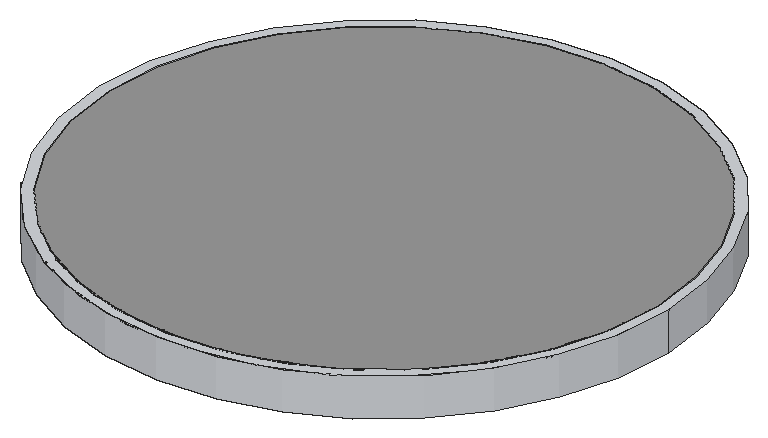
Revit family "2071256", category Lighting Fixtures, host Face, Revit 2018
Family settings
  Host = Face
  Round Connector Dimension = Use Diameter
  Part Type = Normal
  OmniClass Number = 23.80.70.00
  OmniClass Title = Lighting
  Cut with Voids When Loaded = No
  Light Source = Yes
  Shared = No
  Room Calculation Point = No
Parameters (values of type "2071256 COLOSSAL 900 940 PR DIR WHT SSC")
  iner diameter = 856 mm
  Weight = "n/a"
  Wattage Comments = ""
  Wattage = 30 W
  WarrantyStartDate [instance] = "n/a"
  WarrantyGuarantorParts = "n/a"
  WarrantyDurationUnit = "n/a"
  WarrantyDurationParts = ""
  WarrantyDescription = "http://www.sylvania-lighting.com"
  built-in parameter 1150110 = 1 (stored number, unit not read)
  Voltage = 230 V
  URL = "0.99"
  TypeName = "COLOSSAL 900mm 940 PRISM DIR WHITE SSC"
  Type Image = <None>
  Type Comments = "n/a"
  built-in parameter 1114217 = 1 (stored number, unit not read)
  Tilt Angle = -90.00°
  built-in parameter 1150109 = 1 (stored number, unit not read)
  built-in parameter 1150134 = (empty or 0)
  built-in parameter 1150113 = 1 (stored number, unit not read)
  SerialNumber [instance] = "n/a"
  Photometric Web File = "2071256.ies"
  Material_3_SYL = LED-Sylvania
  PowerFactor = 0
  PowerConsumption = "Lighting"
  NominalLength = 888 mm
  NominalHeight = 93 mm
  NominalDepth = 888 mm
  Name = "COLOSSAL 900mm 940 PRISM DIR WHITE SSC"
  ModelReference = Name  # "COLOSSAL 900mm 940 PRISM DIR WHITE SSC"
  ModelNumber = "2071256"
  Model = Name  # "COLOSSAL 900mm 940 PRISM DIR WHITE SSC"
  Material = "Feilo Sylvania"
  ManufacturerName = "118 lm/W"
  Manufacturer = ""
  LuminousEfficacy = ""
  built-in parameter 1150105 = 270.44 (stored number, unit not read)
  Lumens = 3398.4 lm
  LuminaireType = "0"
  built-in parameter 1150115 = 1 (stored number, unit not read)
  LightOutputRatio = "LED"
  built-in parameter 1150137 = (empty or 0)
  built-in parameter 1150139 = (empty or 0)
  LampsType = Lamp  # "n/a"
  LampNominalLuminous = "4000 K"
  LampMacAdamStep = "90"
  LampColourTemperature = "LED"
  LampColourRenderingIndex = "16500"
  built-in parameter 1150112 = 1 (stored number, unit not read)
  built-in parameter 1150114 = 1 (stored number, unit not read)
  Lamp = "n/a"
  Keynote = "n/a"
  InstallationDate [instance] = "n/a"
  InputVoltage = "0"
  InputNominalFrequency = "4000"
  built-in parameter 1150132 = (empty or 0)
  built-in parameter 1150102 = (empty or 0)
  built-in parameter 1150107 = 3000 (stored number, unit not read)
  built-in parameter 1150138 = (empty or 0)
  IngressProtection = "IfcLightFixtureType"
  ImpactProtectionIndex = "IfcLightFixtureType"
  built-in parameter 1150106 = 2.7044 (stored number, unit not read)
  IfcExportType = "IfcLightFixtureType"
  IfcExportAs = "Class I"
  Emit from Circle Diameter = 385 mm
  Emit Shape Visible in Rendering = no
  ElectricShockClassification = "118"
  built-in parameter 1150104 = 10.524 (stored number, unit not read)
  DocumentationLiterature = "http://www.sylvania-lighting.com/product/en-int/products/2071256"
  DimmingControlOptions = "n/a"
  Material_2_SYL = Polycarbonate_Sylvania_White
  Dimming Lamp Color Temperature Shift = <None>
  Description = "900mm diameter circular architectural luminaire, can be surface mounted or suspended. Powder coated aluminium housing (RAL9016) with PMMA prismatic diffuser. Direct light distribution, 6955lm luminuous flux, 58.7W system power, 118lm/W luminiaire efficacy. Sylsmart Standalone enabled. Colour rendering index Ra >90, 4000K Neutral White LED, chromaticity tolerance of 3-step MacAdam ellipse. IP40/IP20, IK03. 350mA drive current. UGR≤19. Electrical protection Class1, 220-240V. Reported lifetime 66k hours L90B10."
  Default Elevation = 1219.2 mm
  CreatedOn = "23/03/2022"
  CreatedBy = "@sylvania-lighting.com"
  Cost = 0
  Color Filter = 16777215
  built-in parameter 1114216 [instance] = (empty or 0)
  ClassificationValue = "EF_70_80"
  ClassificationName = "Uniclass2015"
  Material_1_SYL = Polycarbonate_Sylvania_Opal
  BarCode [instance] = "n/a"
  built-in parameter 1114218 = 1 (stored number, unit not read)
  built-in parameter 1150133 = 10 (stored number, unit not read)
  AssetType = "Fixed"
  AssetIdentifier [instance] = "n/a"
  Assembly Code = "D5020200"
  Apparent Load = 58.7 VA
  Material_4_SYL = none
Reference planes
  plane 1 "Center (Front/Back)": y = 0
  plane 2: z = 0
  plane 3 "Center (Left/Right)": x = 0
  plane 4: z = 1.161
  plane 5: z = 16.161
  plane 6: x = -444
  plane 7: x = 444
  plane 8: y = 444
  plane 9: y = -444
  plane 10: y = 236
  plane 11: y = -236
  plane 12: x = 85
  plane 13: x = -85
  plane 14: through (0, 0, 1219.2) normal (0.5, 0.866, 0)
  plane 15: through (42.5, 73.612, 1219.2) normal (0.5, 0.866, 0)
  plane 16: through (-42.5, -73.612, 1219.2) normal (0.5, 0.866, 0)
  plane 17: through (0, 0, 1219.2) normal (0.5, -0.866, 0)
  plane 18: through (-42.5, 73.612, 1219.2) normal (0.5, -0.866, 0)
  plane 19: through (42.5, -73.612, 1219.2) normal (0.5, -0.866, 0)
  plane 20: z = 93
  plane 21: y = 428
  plane 22: y = -428
Forms (mm)
  Extrusion 1, solid, detail levels medium+fine
    sketch origin (0, 0, 0) x (0.866025, -0.5, 0) y (0.5, 0.866025, 0)
      loop
        circle (-50, 86.603) r 22
    from 0 to 2
  Extrusion 2, solid, detail levels medium+fine
    sketch origin (0, 0, 0) x (0.866025, -0.5, 0) y (0.5, 0.866025, 0)
      loop
        circle (100, 0) r 22
      loop
        circle (-50, -86.603) r 22
    from 0 to 2
  Blend 3, solid, detail levels medium+fine
    base sketch origin (0, 0, 0) x (1, 0, 0) y (0, 1, 0)
      loop
        line (-85, 236) -> (-246.882, -44.388) -> (-161.882, -191.612) -> (161.882, -191.612) -> (246.882, -44.388) -> (85, 236) -> (-85, 236)
    top sketch origin (0, 0, 0) x (1, 0, 0) y (0, 1, 0)
      loop
        line (-85, 283.076) -> (-287.651, -67.926) -> (-207.792, -218.119) -> (207.792, -218.119) -> (292.5, -71.401) -> (85, 283.076) -> (-85, 283.076)
    from 0 to 33.022
  Extrusion 4, solid, detail levels medium+fine
    sketch origin (0, 0, 0) x (1, 0, 0) y (0, 1, 0)
      loop
        circle (0, 0) r 444
    from 33.022 to 93
  Extrusion 5, void
    sketch origin (0, 0, 0) x (1, 0, 0) y (0, 1, 0)
      loop
        circle (0, 0) r 428
    from 96.588 to 37.292
  Extrusion 6, solid, material "Glass, White, High Luminance", detail levels fine
    sketch origin (0, 0, 0) x (1, 0, 0) y (0, 1, 0)
      loop
        circle (0, 0) r 428
    from 87.991 to 93
  Extrusion 7, solid, detail levels coarse
    sketch origin (0, 0, 0) x (1, 0, 0) y (0, 1, 0)
      loop
        line (-444, 444) -> (-444, -444) -> (444, -444) -> (444, 444) -> (-444, 444)
    from 0 to 93.648
Cuts and joins
  Extrusion 5 cuts Extrusion 1
  Extrusion 5 cuts Extrusion 2
  Extrusion 5 cuts Blend 3
  Extrusion 5 cuts Extrusion 4
Lines and regions (mm)
  model lines, detail levels medium+fine
    curve 1: circle (0, 0, 0) r 100 normal (0, 0, 1)
Dimensions and locks
  "NominalDepth": plane 8 to plane 9
  plane 8 to plane 1 "Center (Front/Back)" to plane 9 = 444 mm, 444 mm
  "NominalLength": plane 6 to plane 7
  equal spacing: plane 6, plane 3 "Center (Left/Right)", plane 7
  "NominalHeight": level to plane 20
  "iner diameter": plane 21 to plane 22
  equal spacing: plane 21, plane 1 "Center (Front/Back)", plane 22
  aligned and locked: plane 2 to host face
  aligned and locked: level to host face
Automatic sketch dimensions
  host sketch curve to host sketch curve = 2438.4 mm  (x2)
  Extrusion 1 sketch curve to plane 3 "Center (Left/Right)" = 0 mm
  Extrusion 1 sketch curve to plane 1 "Center (Front/Back)" = 100 mm
  plane 1 "Center (Front/Back)" to Extrusion 2 sketch curve = 50 mm
  Extrusion 2 sketch curve to plane 3 "Center (Left/Right)" = 86.603 mm
  Extrusion 2 sketch curve to Extrusion 2 sketch curve = 150 mm
  Extrusion 2 sketch curve to Extrusion 2 sketch curve = 86.603 mm
  plane 1 "Center (Front/Back)" to curve 1 = 0 mm
  curve 1 to plane 3 "Center (Left/Right)" = 0 mm
  plane 18 to Blend 3 sketch curve = 0 mm  (x2)
  plane 19 to Blend 3 sketch curve = 0 mm  (x2)
  Blend 3 sketch curve to plane 10 = 0 mm
  Blend 3 sketch curve to plane 13 = 0 mm  (x2)
  Blend 3 sketch curve to plane 12 = 0 mm  (x2)
  Blend 3 sketch curve to plane 16 = 0 mm  (x2)
  Blend 3 sketch curve to plane 15 = 0 mm
  plane 11 to Blend 3 sketch curve = 44.388 mm
  plane 1 "Center (Front/Back)" to Blend 3 sketch curve = 44.388 mm  (x2)
  plane 11 to Blend 3 sketch curve = 17.881 mm
  plane 1 "Center (Front/Back)" to Blend 3 sketch curve = 67.926 mm
  plane 1 "Center (Front/Back)" to Blend 3 sketch curve = 71.401 mm
  Blend 3 sketch curve to plane 7 = 151.5 mm
  plane 10 to Blend 3 sketch curve = 47.076 mm
  plane 1 "Center (Front/Back)" to Extrusion 4 sketch curve = 0 mm
  Extrusion 4 sketch curve to plane 3 "Center (Left/Right)" = 0 mm
  plane 1 "Center (Front/Back)" to Extrusion 5 sketch curve = 0 mm
  Extrusion 5 sketch curve to plane 3 "Center (Left/Right)" = 0 mm
  plane 1 "Center (Front/Back)" to Extrusion 6 sketch curve = 0 mm
  Extrusion 6 sketch curve to plane 3 "Center (Left/Right)" = 0 mm
  Extrusion 7 sketch curve to plane 6 = 0 mm
  Extrusion 7 sketch curve to plane 7 = 0 mm
  Extrusion 7 sketch curve to plane 9 = 0 mm
  Extrusion 7 sketch curve to plane 8 = 0 mm
  radius of Extrusion 1 sketch curve = 22 mm
  radius of Extrusion 2 sketch curve = 22 mm  (x2)
  radius of curve 1 = 100 mm
  radius of Extrusion 4 sketch curve = 444 mm
  radius of Extrusion 5 sketch curve = 428 mm
  radius of Extrusion 6 sketch curve = 428 mm
Connectors
  electrical at (0, 0, 0), driven by "Apparent Load", driven by "PowerFactor", driven by "Voltage"
    settings: index 1, voltage 230 V, apparent load 58.7 VA, apparent load phase1 0 VA, apparent load phase2 0 VA, apparent load phase3 0 VA, power factor 0, load classification "Lighting", number of poles 1, system type 30, power factor state 1, is connector primary yes, connector utility no, sub classification motor no, connector description ""
